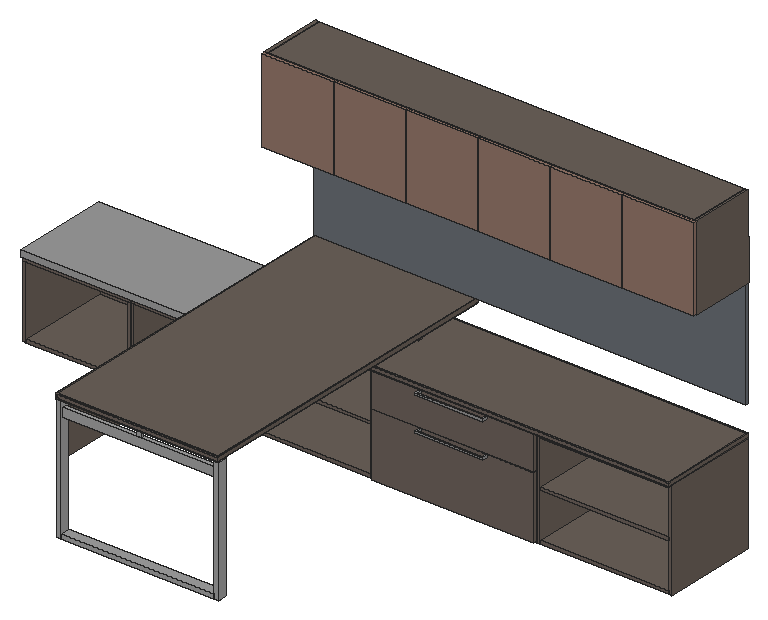
Revit family "T100315", category Furniture, Revit 2015 (continued)
Definition of nested family "STAKS LOW HEIGHT OPEN SHELF PEDESTAL - NO RISER SUPPORT"
  Dimensions and locks (in)
    aligned and locked: Extrusion 6 sketch curve to plane 17
    aligned and locked: Extrusion 6 sketch curve to plane 27
    aligned and locked: plane 16 to Extrusion 6 sketch curve
    aligned and locked: plane 19 to Extrusion 6 sketch curve
    aligned and locked: Extrusion 2 to plane 6
    aligned and locked: Extrusion 1 to plane 6
    aligned and locked: Extrusion 7 to plane 16
  Automatic sketch dimensions
    level to Extrusion 1 sketch curve = 0"
    Extrusion 1 sketch curve to plane 11 = 0"
    Extrusion 1 sketch curve to plane 3 = 0"
    Extrusion 1 sketch curve to plane 16 = 0"
    level to Extrusion 2 sketch curve = 0"
    Extrusion 2 sketch curve to plane 3 = 0"
    Extrusion 2 sketch curve to plane 17 = 0"
    plane 27 to Extrusion 2 sketch curve = 0"
    plane 12 to Extrusion 3 sketch curve = 0"
    Extrusion 3 sketch curve to plane 18 = 0"
    plane 17 to Extrusion 3 sketch curve = 0"
    Extrusion 4 sketch curve to plane 10 = 0"
    Extrusion 4 sketch curve to plane 16 = 0"
    Extrusion 4 sketch curve to plane 3 = 0"
    Extrusion 4 sketch curve to plane 19 = 0"
    level to Extrusion 5 sketch curve = 0"
    Extrusion 5 sketch curve to plane 16 = 0"
    Extrusion 5 sketch curve to plane 19 = 0"
    Extrusion 5 sketch curve to plane 28 = 0"
    Extrusion 7 sketch curve to plane 9 = 0"
    Extrusion 7 sketch curve to plane 19 = 0"
    Extrusion 7 sketch curve to plane 37 = 11 5/8"
    Extrusion 7 sketch curve to plane 5 = 0"
    Extrusion 6 sketch curve to plane 14 = 0"
    Extrusion 6 sketch curve to plane 16 = 0"
    Extrusion 6 sketch curve to plane 19 = 0"
    Extrusion 6 sketch curve to plane 15 = 0"
    plane 32 to Extrusion 6 sketch curve = 2 5/8"
    plane 34 to Extrusion 6 sketch curve = 2 5/8"
    Extrusion 6 sketch curve to plane 13 = 1"
    Extrusion 6 sketch curve to plane 12 = 1"
Definition of nested family "STAKS SINGLE BENCH HEIGHT PEDESTAL - NO RISER SUPPORT"
  Parameters (values of type "STAKS SINGLE BENCH HEIGHT PEDESTAL - NO RISER SUPPORT 24")
    URL = "http://www.ofs.com/"
    Top Thickness = 1"
    Riser Support = 0"
    Model = "6-N2422SSHC"
    Manufacturer = "OFS"
    Height = 17"
    Drawer Material = none
    Drawer Handle Width = 5 1/4"
    Drawer Handle Material = none
    Description = "OFS STAKS SINGLE BENCH HEIGHT PEDESTAL - NO RISER SUPPORT 24\"W x 22\" D, Single Pedestal, Use with 22\"D Worksurfaces"
    Width = 24"
    Depth = 21 7/8"
    DH2 = 6 1/2"
    DH1 = 10"
    Copyright © = "© 2018 OFS"
    Chasis Material = none
    Catalog = "https://ofs.com/products/casegoods/private-office/staks"
    Board Thickness = 3/4"
    Authoring Version = "Autodesk Revit Architecture 2013"
    Assembly Code = "E2020200"
  Types (3): name | Model | Description | Width
    STAKS SINGLE BENCH HEIGHT PEDESTAL - NO RISER SUPPORT 24 | "6-N2422SSHC" | "OFS STAKS SINGLE BENCH HEIGHT PEDESTAL - NO RISER SUPPORT 24\"W x 22\" D, Single Pedestal, Use with 22\"D Worksurfaces" | 24"
    STAKS SINGLE BENCH HEIGHT PEDESTAL - NO RISER SUPPORT 30 | "6-N3022SSHC" | "OFS STAKS SINGLE BENCH HEIGHT PEDESTAL - NO RISER SUPPORT 30\"W x 22\" D, Single Pedestal, Use with 22\"D Worksurfaces" | 30"
    STAKS SINGLE BENCH HEIGHT PEDESTAL - NO RISER SUPPORT 36 | "6-N3622SSHC" | "OFS STAKS SINGLE BENCH HEIGHT PEDESTAL - NO RISER SUPPORT 36\"W x 22\" D, Single Pedestal, Use with 22\"D Worksurfaces" | 36"
  Reference planes (in)
    plane 1: z = 0
    plane 2 "Right": x = 20.97711
    plane 3: z = 17
    plane 4: z = 10
    plane 5: z = 9.875
    plane 6: z = 0
    plane 7: z = 9.625
    plane 8: z = 16.75
    plane 9: z = 9.156
    plane 10: z = 16
    plane 11: x = 8.97711
    plane 12: y = -1.12465
    plane 13: y = -1.87465
    plane 14: x = 9.03961
    plane 15: x = 32.91411
    plane 16: x = 9.72711
    plane 17: y = 20.00035
    plane 18: x = 32.97711
    plane 19: x = 32.22711
    plane 20: y = -2.68715
    plane 21: y = -2.87465
    plane 22: z = 0.25
    plane 23: y = 19.25035
    plane 24: z = 0.75
    plane 25: y = 16.75035
    plane 26: y = 1.87535
    plane 27: y = 5.87535
    plane 28: y = 12.75035
    plane 29: y = 2.50035
    plane 30: y = 13.37535
    plane 31: x = 21.35211
    plane 32: x = 20.60211
    plane 33: x = 21.00836
    plane 34: x = 20.94586
    plane 35: x = 14.99274
    plane 36: x = 17.61774
    plane 37: x = 12.36774
    plane 38: x = 12.74274
    plane 39: x = 17.24274
    plane 40: x = 26.96124
    plane 41: x = 24.33624
    plane 42: x = 29.58624
    plane 43: x = 29.21124
    plane 44: x = 24.71124
  Forms (in)
    Extrusion 1, solid, material <- "Chasis Material"
      sketch origin (-3, -1.24965, 0) x (1, 0, 0) y (0, 0, 1)
        loop
          line (11.97711, 0) -> (12.72711, 0) -> (12.72711, 16) -> (11.97711, 16) -> (11.97711, 0)
      from -21.25 to -0.125
    Extrusion 2, solid, material <- "Chasis Material"
      sketch origin (19.35211, 31.02324, 0) x (0, 1, 0) y (0, 0, 1)
        loop
          line (-11.77289, 0) -> (-11.02289, 0) -> (-11.02289, 16) -> (-11.77289, 16) -> (-11.77289, 0)
      from -9.625 to 12.875
    Extrusion 3, solid, material <- "Chasis Material"
      sketch origin (0, 0, 0) x (1, 0, 0) y (0, 1, 0)
        loop
          line (32.97711, 20.00035) -> (32.22711, 20.00035) -> (32.22711, -1.12465) -> (32.97711, -1.12465) -> (32.97711, 20.00035)
      from 0 to 16
    Extrusion 4, solid, material <- "Chasis Material"
      sketch origin (-29.79592, -1.62465, 7.24693) x (1, 0, 0) y (0, 0, 1)
        loop
          line (38.77304, 8.75307) -> (62.77304, 8.75307) -> (62.77304, 9.75307) -> (38.77304, 9.75307) -> (38.77304, 8.75307)
      from -21.625 to -0.5
    Extrusion 5, solid, material <- "Chasis Material"
      sketch origin (-31.5409, -1.62465, -42.72261) x (1, 0, 0) y (0, 0, 1)
        loop
          line (41.26801, 42.72261) -> (63.76801, 42.72261) -> (63.76801, 43.47261) -> (41.26801, 43.47261) -> (41.26801, 42.72261)
      from -20.875 to -0.5
  Dimensions and locks (in)
    "Board Thickness": plane 13 to plane 12
    locked: plane 11 to plane 14 at 0.0625
    "Board Thickness": plane 11 to plane 16
    locked: plane 15 to plane 18 at 0.063
    "Width": plane 11 to plane 18
    Extrusion 3 sketch curve to plane 18 = 3/4"
    "Board Thickness": plane 19 to plane 18
    equal spacing: plane 11, plane 2 "Right", plane 18
    plane 21 to plane 20 to plane 13 = 3/16" locked, 13/16" locked
    "Riser Support": plane 6 to level
    "Height": plane 3 to plane 6
    "DH1": plane 4 to plane 6
    locked: plane 22 to plane 6 at 0.25
    "Board Thickness": plane 23 to plane 17
    "Depth": plane 13 to plane 17
    plane 4 to plane 5 to plane 7 to plane 9 = 1/8" locked, 1/4" locked, 0.469" locked
    "Board Thickness": plane 24 to plane 6
    plane 12 to plane 26 to plane 27 = 3" locked, 4" locked
    plane 28 to plane 25 to plane 23 = 4" locked, 2 1/2" locked
    locked: plane 26 to plane 29 at 0.625
    locked: plane 28 to plane 30 at 0.625
    equal spacing: plane 32, plane 2 "Right", plane 31
    "Board Thickness": plane 32 to plane 31
    equal spacing: plane 34, plane 2 "Right", plane 33
    equal spacing: plane 14, plane 35, plane 34
    equal spacing: plane 37, plane 35, plane 36
    "Drawer Handle Width": plane 37 to plane 36
    locked: plane 37 to plane 38 at 0.375
    locked: plane 39 to plane 36 at 0.375
    equal spacing: plane 15, plane 40, plane 33
    equal spacing: plane 42, plane 40, plane 41
    "Drawer Handle Width": plane 42 to plane 41
    locked: plane 42 to plane 43 at 0.375
    locked: plane 44 to plane 41 at 0.375
    "Top Thickness": plane 3 to plane 10
    aligned and locked: level to plane 1
    aligned and locked: plane 12 to Extrusion 1
    aligned and locked: Extrusion 1 to plane 17
    aligned and locked: Extrusion 2 to plane 16
    aligned and locked: plane 16 to Extrusion 1
    aligned and locked: Extrusion 1 to plane 11
    aligned and locked: Extrusion 2 to plane 17
    aligned and locked: plane 19 to Extrusion 2
    aligned and locked: Extrusion 3 to plane 19
    aligned and locked: Extrusion 3 to plane 6
    aligned and locked: plane 3 to Extrusion 4
    aligned and locked: Extrusion 4 to plane 10
    aligned and locked: plane 24 to Extrusion 5
    aligned and locked: Extrusion 5 to plane 6
    aligned and locked: Extrusion 5 to plane 23
    aligned and locked: plane 12 to Extrusion 5
    aligned and locked: plane 19 to Extrusion 5
    aligned and locked: Extrusion 5 to plane 16
    aligned and locked: plane 12 to Extrusion 4
    aligned and locked: Extrusion 2 to plane 6
    aligned and locked: Extrusion 1 to plane 6
    aligned and locked: plane 10 to Extrusion 1
    aligned and locked: plane 10 to Extrusion 2
    aligned and locked: plane 10 to Extrusion 3
    aligned and locked: Extrusion 4 to plane 11
    aligned and locked: plane 18 to Extrusion 4
    aligned and locked: Extrusion 4 to plane 17
  Automatic sketch dimensions
    level to Extrusion 1 sketch curve = 0"
    Extrusion 1 sketch curve to plane 11 = 0"
    Extrusion 1 sketch curve to plane 3 = 1"
    Extrusion 1 sketch curve to plane 16 = 0"
    level to Extrusion 2 sketch curve = 0"
    Extrusion 2 sketch curve to plane 3 = 1"
    Extrusion 2 sketch curve to plane 17 = 0"
    plane 23 to Extrusion 2 sketch curve = 0"
    plane 12 to Extrusion 3 sketch curve = 0"
    Extrusion 3 sketch curve to plane 18 = 0"
    plane 17 to Extrusion 3 sketch curve = 0"
    Extrusion 4 sketch curve to plane 10 = 0"
    Extrusion 4 sketch curve to plane 16 = 3/4"
    Extrusion 4 sketch curve to plane 3 = 0"
    plane 19 to Extrusion 4 sketch curve = 3/4"
    level to Extrusion 5 sketch curve = 0"
    Extrusion 5 sketch curve to plane 16 = 0"
    Extrusion 5 sketch curve to plane 19 = 0"
    Extrusion 5 sketch curve to plane 24 = 0"
Definition of nested family "STAKS RECTANGULAR WORKSURFACES Long Grain"
  Parameters (values of type "STAKS RECTANGULAR WORKSURFACE 15.625 x 22")
    URL = "http://www.ofs.com/"
    Height Above Floor [instance] = 29"
    Height = 1 1/8"
    Depth = 22"
    Model = "6-MCT-15.625/22"
    Manufacturer = "OFS"
    Description = "OFS STAKS 15.625 X 22 RECTANGULAR WORKSURFACE For Worksurface or Low Height Applications, Long Grain"
    Width = 15 5/8"
    Copyright © = "© 2018 OFS"
    Catalog = "https://ofs.com/products/casegoods/private-office/staks"
    Authoring Version = "Autodesk Revit Architecture 2013"
    Assembly Code = "E2020200"
  Types (26): name | Model | Description | Width
    STAKS RECTANGULAR WORKSURFACE 15.625 x 22 | "6-MCT-15.625/22" | "OFS STAKS 15.625 X 22 RECTANGULAR WORKSURFACE For Worksurface or Low Height Applications, Long Grain" | 15 5/8"
    STAKS RECTANGULAR WORKSURFACE 24 x 22 | "6-MCT-24/22" | "OFS STAKS 24 X 22 RECTANGULAR WORKSURFACE For Worksurface or Low Height Applications, Long Grain" | 24"
    STAKS RECTANGULAR WORKSURFACE 30 x 22 | "6-MCT-30/22" | "OFS STAKS 30 X 22 RECTANGULAR WORKSURFACE For Worksurface or Low Height Applications, Long Grain" | 30"
    STAKS RECTANGULAR WORKSURFACE 34 x 22 | "6-MCT-34/22" | "OFS STAKS 34 X 22 RECTANGULAR WORKSURFACE For Worksurface or Low Height Applications, Long Grain" | 34"
    STAKS RECTANGULAR WORKSURFACE 36 x 22 | "6-MCT-36/22" | "OFS STAKS 36 X 22 RECTANGULAR WORKSURFACE For Worksurface or Low Height Applications, Long Grain" | 36"
    STAKS RECTANGULAR WORKSURFACE 42 x 22 | "6-MCT-42/22" | "OFS STAKS 42 X 22 RECTANGULAR WORKSURFACE For Worksurface or Low Height Applications, Long Grain" | 42"
    STAKS RECTANGULAR WORKSURFACE 46 x 22 | "6-MCT-46/22" | "OFS STAKS 46 X 22 RECTANGULAR WORKSURFACE For Worksurface or Low Height Applications, Long Grain" | 46"
    STAKS RECTANGULAR WORKSURFACE 48 x 22 | "6-MCT-48/22" | "OFS STAKS 48 X 22 RECTANGULAR WORKSURFACE For Worksurface or Low Height Applications, Long Grain" | 48"
    STAKS RECTANGULAR WORKSURFACE 48.5 x 22 | "6-MCT-48.5/22" | "OFS STAKS 48.5 X 22 RECTANGULAR WORKSURFACE For Worksurface or Low Height Applications, Long Grain" | 48 1/2"
    STAKS RECTANGULAR WORKSURFACE 54 x 22 | "6-MCT-54/22" | "OFS STAKS 54 X 22 RECTANGULAR WORKSURFACE For Worksurface or Low Height Applications, Long Grain" | 54"
    STAKS RECTANGULAR WORKSURFACE 55.5 x 22 | "6-MCT-55.5/22" | "OFS STAKS 55.5 X 22 RECTANGULAR WORKSURFACE For Worksurface or Low Height Applications, Long Grain" | 55 1/2"
    STAKS RECTANGULAR WORKSURFACE 59 x 22 | "6-MCT-59/22" | "OFS STAKS 59 X 22 RECTANGULAR WORKSURFACE For Worksurface or Low Height Applications, Long Grain" | 59"
    STAKS RECTANGULAR WORKSURFACE 60 x 22 | "6-MCT-60/22" | "OFS STAKS 60 X 22 RECTANGULAR WORKSURFACE For Worksurface or Low Height Applications, Long Grain" | 60"
    STAKS RECTANGULAR WORKSURFACE 64 x 22 | "6-MCT-64/22" | "OFS STAKS 64 X 22 RECTANGULAR WORKSURFACE For Worksurface or Low Height Applications, Long Grain" | 64"
    STAKS RECTANGULAR WORKSURFACE 66 x 22 | "6-MCT-66/22" | "OFS STAKS 66 X 22 RECTANGULAR WORKSURFACE For Worksurface or Low Height Applications, Long Grain" | 66"
    STAKS RECTANGULAR WORKSURFACE 69.625 x 22 | "6-MCT-69.625/22" | "OFS STAKS 69.625 X 22 RECTANGULAR WORKSURFACE For Worksurface or Low Height Applications, Long Grain" | 69 5/8"
    STAKS RECTANGULAR WORKSURFACE 70.5 x 22 | "6-MCT-70.5/22" | "OFS STAKS 70.5 X 22 RECTANGULAR WORKSURFACE For Worksurface or Low Height Applications, Long Grain" | 70 1/2"
    STAKS RECTANGULAR WORKSURFACE 72 x 22 | "6-MCT-72/22" | "OFS STAKS 72 X 22 RECTANGULAR WORKSURFACE For Worksurface or Low Height Applications, Long Grain" | 72"
    STAKS RECTANGULAR WORKSURFACE 74 x 22 | "6-MCT-74/22" | "OFS STAKS 74 X 22 RECTANGULAR WORKSURFACE For Worksurface or Low Height Applications, Long Grain" | 74"
    STAKS RECTANGULAR WORKSURFACE 78 x 22 | "6-MCT-78/22" | "OFS STAKS 78 X 22 RECTANGULAR WORKSURFACE For Worksurface or Low Height Applications, Long Grain" | 78"
    STAKS RECTANGULAR WORKSURFACE 82.5 x 22 | "6-MCT-82.5/22" | "OFS STAKS 82.5 X 22 RECTANGULAR WORKSURFACE For Worksurface or Low Height Applications, Long Grain" | 82 1/2"
    STAKS RECTANGULAR WORKSURFACE 84 x 22 | "6-MCT-84/22" | "OFS STAKS 84 X 22 RECTANGULAR WORKSURFACE For Worksurface or Low Height Applications, Long Grain" | 84"
    STAKS RECTANGULAR WORKSURFACE 87.625 x 22 | "6-MCT-87.625/22" | "OFS STAKS 87.625 X 22 RECTANGULAR WORKSURFACE For Worksurface or Low Height Applications, Long Grain" | 87 5/8"
    STAKS RECTANGULAR WORKSURFACE 90 x 22 | "6-MCT-90/22" | "OFS STAKS 90 X 22 RECTANGULAR WORKSURFACE For Worksurface or Low Height Applications, Long Grain" | 90"
    STAKS RECTANGULAR WORKSURFACE 94 x 22 | "6-MCT-94/22" | "OFS STAKS 94 X 22 RECTANGULAR WORKSURFACE For Worksurface or Low Height Applications, Long Grain" | 94"
    STAKS RECTANGULAR WORKSURFACE 96 x 22 | "6-MCT-96/22" | "OFS STAKS 96 X 22 RECTANGULAR WORKSURFACE For Worksurface or Low Height Applications, Long Grain" | 96"
  Reference planes (in)
    plane 1: z = -0.125
    plane 2 "LEFT": x = 7.55498
    plane 3 "RIGHT": x = 23.17998
    plane 4 "BACK": y = -1.83365
    plane 5 "FRONT": y = -23.83365
    plane 6: x = 7.67998
    plane 7: x = 23.05498
    plane 8: y = -1.95865
    plane 9: y = -23.70865
    plane 10: z = 27.75
    plane 11 "SURFACE TOP": z = 28.875
  Forms (in)
    Extrusion 1, solid
      sketch origin (0, 0, 17.125) x (-1, 0, 0) y (0, -1, 0)
        loop
          line (-7.67998, 1.95865) -> (-7.67998, 23.70865) -> (-23.05498, 23.70865) -> (-23.05498, 1.95865) -> (-7.67998, 1.95865)
      from 11.75 to 10.625
    Sweep 2, solid
      path origin (0, 0, 28.875) x (0, 1, 0) y (-1, 0, 0)
        loop
          line (-23.83365, -7.55498) -> (-23.83365, -23.17998) -> (-1.83365, -23.17998) -> (-1.83365, -7.55498) -> (-23.83365, -7.55498)
      profile origin (15.36748, -23.83365, 28.875) x (0, 1, 0) y (0, 0, 1)
        loop
          arc (0.125, 0) -> (0.03661, -0.03661) -> (0, -0.125) r 0.125
          line (0, -0.125) -> (0, -1)
          arc (0, -1) -> (0.03661, -1.08839) -> (0.125, -1.125) r 0.125
          line (0.125, -1.125) -> (0.125, 0)
  Lines and regions (in)
    Masking region 1
      outline origin (0, 0, 16.625) x (-1, 0, 0) y (0, -1, 0)
        loop
          line (-7.67998, 1.95865) -> (-7.55498, 1.83365) -> (-7.55498, 23.83365) -> (-7.67998, 23.70865) -> (-7.67998, 1.95865)
    Masking region 2
      outline origin (0, 0, 16.625) x (-1, 0, 0) y (0, -1, 0)
        loop
          line (-7.55498, 1.83365) -> (-7.67998, 1.95865) -> (-23.05498, 1.95865) -> (-23.17998, 1.83365) -> (-7.55498, 1.83365)
    Masking region 3
      outline origin (0, 0, 16.625) x (-1, 0, 0) y (0, -1, 0)
        loop
          line (-23.17998, 1.83365) -> (-23.05498, 1.95865) -> (-23.05498, 23.70865) -> (-23.17998, 23.83365) -> (-23.17998, 1.83365)
    Masking region 4
      outline origin (0, 0, 16.625) x (-1, 0, 0) y (0, -1, 0)
        loop
          line (-23.17998, 23.83365) -> (-23.05498, 23.70865) -> (-7.67998, 23.70865) -> (-7.55498, 23.83365) -> (-23.17998, 23.83365)
    Masking region 5
      outline origin (0, 0, 16.625) x (-1, 0, 0) y (0, -1, 0)
        loop
          line (-23.05498, 23.70865) -> (-23.05498, 1.95865) -> (-7.67998, 1.95865) -> (-7.67998, 23.70865) -> (-23.05498, 23.70865)
  Dimensions and locks (in)
    "Depth": plane 4 "BACK" to plane 5 "FRONT"
    "Width": plane 2 "LEFT" to plane 3 "RIGHT"
    "Height": plane 11 "SURFACE TOP" to plane 10
    locked: plane 4 "BACK" to plane 8 at 0.125
    locked: plane 2 "LEFT" to plane 6 at 0.125
    locked: plane 7 to plane 3 "RIGHT" at 0.125
    locked: plane 9 to plane 5 "FRONT" at 0.125
    "Height Above Floor": plane 11 "SURFACE TOP" to level
    aligned: level to plane 1
    aligned and locked: plane 8 to Extrusion 1 sketch curve
    aligned and locked: Extrusion 1 sketch curve to plane 6
    aligned and locked: Extrusion 1 sketch curve to plane 9
    aligned and locked: plane 7 to Extrusion 1 sketch curve
    aligned and locked: plane 11 "SURFACE TOP" to Extrusion 1
    aligned and locked: Extrusion 1 to plane 10
    aligned and locked: Sweep 2 sketch curve to plane 5 "FRONT"
    aligned and locked: Sweep 2 sketch curve to plane 2 "LEFT"
    aligned and locked: plane 4 "BACK" to Sweep 2 sketch curve
    aligned and locked: plane 3 "RIGHT" to Sweep 2 sketch curve
  Automatic sketch dimensions
    Masking region 1 sketch curve to plane 6 = 0"
    Masking region 1 sketch curve to plane 2 "LEFT" = 0"
    Masking region 1 sketch curve to plane 4 "BACK" = 0"
    Masking region 1 sketch curve to plane 8 = 0"
    Masking region 1 sketch curve to plane 9 = 0"
    Masking region 1 sketch curve to plane 5 "FRONT" = 0"
    Masking region 2 sketch curve to plane 3 "RIGHT" = 0"
    Masking region 2 sketch curve to plane 7 = 0"
    Masking region 2 sketch curve to plane 6 = 0"
    Masking region 2 sketch curve to plane 2 "LEFT" = 0"
    Masking region 2 sketch curve to plane 4 "BACK" = 0"
    Masking region 2 sketch curve to plane 8 = 0"
    Masking region 3 sketch curve to plane 3 "RIGHT" = 0"
    Masking region 3 sketch curve to plane 7 = 0"
    Masking region 3 sketch curve to plane 4 "BACK" = 0"
    Masking region 3 sketch curve to plane 8 = 0"
    Masking region 3 sketch curve to plane 9 = 0"
    Masking region 3 sketch curve to plane 5 "FRONT" = 0"
    Masking region 4 sketch curve to plane 3 "RIGHT" = 0"
    Masking region 4 sketch curve to plane 7 = 0"
    Masking region 4 sketch curve to plane 6 = 0"
    Masking region 4 sketch curve to plane 2 "LEFT" = 0"
    Masking region 4 sketch curve to plane 9 = 0"
    Masking region 4 sketch curve to plane 5 "FRONT" = 0"
    Masking region 5 sketch curve to plane 7 = 0"
    Masking region 5 sketch curve to plane 6 = 0"
    Masking region 5 sketch curve to plane 8 = 0"
    Masking region 5 sketch curve to plane 9 = 0"
    Sweep 2 sketch curve to profile plane = 0"
    Sweep 2 sketch curve to plane 11 "SURFACE TOP" = 0"
    Sweep 2 sketch curve to profile plane = 1/8"
    Sweep 2 sketch curve to Sweep 2 sketch curve = 7/8"
Definition of nested family "STAKS BENCHING RECTANGULAR WORKSURFACES"
  Parameters (values of type "STAKS BENCHING RECTANGULAR WORKSURFACE 48 X 22")
    URL = "https://www.ofs.com/"
    SURFACE DEPTH = 22"
    Model = "6-MCT-48/22"
    Manufacturer = "OFS"
    Description = "OFS STAKS BENCHING 48 X 22 RECTANGULAR WORKSURFACE"
    SURFACE WIDTH = 48"
    Copyright © = "© 2018 OFS"
    Catalog = "https://ofs.com/products/open-plan/benching/staks"
    Authoring Version = "Autodesk Revit Architecture 2013"
    Assembly Code = "E2020200"
  Types (21): name | SURFACE DEPTH | Model | Description | SURFACE WIDTH
    STAKS BENCHING RECTANGULAR WORKSURFACE 48 X 22 | 22" | "6-MCT-48/22" | "OFS STAKS BENCHING 48 X 22 RECTANGULAR WORKSURFACE" | 48"
    STAKS BENCHING RECTANGULAR WORKSURFACE 60 X 22 | 22" | "6-MCT-60/22" | "OFS STAKS BENCHING 60 X 22 RECTANGULAR WORKSURFACE" | 60"
    STAKS BENCHING RECTANGULAR WORKSURFACE 72 X 22 | 22" | "6-MCT-72/22" | "OFS STAKS BENCHING 72 X 22 RECTANGULAR WORKSURFACE" | 72"
    STAKS BENCHING RECTANGULAR WORKSURFACE 60 X 36 | 36" | "6-MCT-60/36" | "OFS STAKS BENCHING 60 X 36 RECTANGULAR WORKSURFACE" | 60"
    STAKS BENCHING RECTANGULAR WORKSURFACE 72 X 36 | 36" | "6-MCT-72/36" | "OFS STAKS BENCHING 72 X 36 RECTANGULAR WORKSURFACE" | 72"
    STAKS BENCHING RECTANGULAR WORKSURFACE 60 X 30 | 30" | "6-MCT-60/30" | "OFS STAKS BENCHING 60 X 30 RECTANGULAR WORKSURFACE" | 60"
    STAKS BENCHING RECTANGULAR WORKSURFACE 72 X 30 | 30" | "6-MCT-72/30" | "OFS STAKS BENCHING 72 X 30 RECTANGULAR WORKSURFACE" | 72"
    STAKS BENCHING RECTANGULAR WORKSURFACE 48 X 30 | 30" | "6-MCT-48/30" | "OFS STAKS BENCHING 48 X 30 RECTANGULAR WORKSURFACE" | 48"
    STAKS BENCHING RECTANGULAR WORKSURFACE 48 X 36 | 36" | "6-MCT-48/36" | "OFS STAKS BENCHING 48 X 36 RECTANGULAR WORKSURFACE" | 48"
    STAKS BENCHING RECTANGULAR WORKSURFACE 54 X 22 | 22" | "6-MCT-54/22" | "OFS STAKS BENCHING 54 X 22 RECTANGULAR WORKSURFACE" | 54"
    STAKS BENCHING RECTANGULAR WORKSURFACE 66 X 22 | 22" | "6-MCT-66/22" | "OFS STAKS BENCHING 66 X 22 RECTANGULAR WORKSURFACE" | 66"
    STAKS BENCHING RECTANGULAR WORKSURFACE 78 X 22 | 22" | "6-MCT-78/22" | "OFS STAKS BENCHING 78 X 22 RECTANGULAR WORKSURFACE" | 78"
    STAKS BENCHING RECTANGULAR WORKSURFACE 84 X 22 | 22" | "6-MCT-84/22" | "OFS STAKS BENCHING 84 X 22 RECTANGULAR WORKSURFACE" | 84"
    STAKS BENCHING RECTANGULAR WORKSURFACE 54 X 30 | 30" | "6-MCT-54/30" | "OFS STAKS BENCHING 54 X 30 RECTANGULAR WORKSURFACE" | 54"
    STAKS BENCHING RECTANGULAR WORKSURFACE 66 X 30 | 30" | "6-MCT-66/30" | "OFS STAKS BENCHING 66 X 30 RECTANGULAR WORKSURFACE" | 66"
    STAKS BENCHING RECTANGULAR WORKSURFACE 78 X 30 | 30" | "6-MCT-78/30" | "OFS STAKS BENCHING 78 X 30 RECTANGULAR WORKSURFACE" | 78"
    STAKS BENCHING RECTANGULAR WORKSURFACE 84 X 30 | 30" | "6-MCT-84/30" | "OFS STAKS BENCHING 84 X 30 RECTANGULAR WORKSURFACE" | 84"
    STAKS BENCHING RECTANGULAR WORKSURFACE 54 X 36 | 36" | "6-MCT-54/36" | "OFS STAKS BENCHING 54 X 36 RECTANGULAR WORKSURFACE" | 54"
    STAKS BENCHING RECTANGULAR WORKSURFACE 66 X 36 | 36" | "6-MCT-66/36" | "OFS STAKS BENCHING 66 X 36 RECTANGULAR WORKSURFACE" | 66"
    STAKS BENCHING RECTANGULAR WORKSURFACE 78 X 36 | 36" | "6-MCT-78/36" | "OFS STAKS BENCHING 78 X 36 RECTANGULAR WORKSURFACE" | 78"
    STAKS BENCHING RECTANGULAR WORKSURFACE 84 X 36 | 36" | "6-MCT-84/36" | "OFS STAKS BENCHING 84 X 36 RECTANGULAR WORKSURFACE" | 78"
  Reference planes (in)
    plane 1: z = -0.125
    plane 2 "LEFT": x = 7.55498
    plane 3 "RIGHT": x = 55.55498
    plane 4 "BACK": y = -1.83365
    plane 5 "FRONT": y = -23.83365
    plane 6: x = 7.67998
    plane 7: x = 55.42998
    plane 8: y = -1.95865
    plane 9: y = -23.70865
    plane 10: z = 27.75
    plane 11 "SURFACE TOP": z = 28.875
  Forms (in)
    Extrusion 1, solid
      sketch origin (0, 0, 17.125) x (-1, 0, 0) y (0, -1, 0)
        loop
          line (-7.67998, 1.95865) -> (-7.67998, 23.70865) -> (-55.42998, 23.70865) -> (-55.42998, 1.95865) -> (-7.67998, 1.95865)
      from 11.75 to 10.625
    Sweep 2, solid
      path origin (0, 0, 28.875) x (0, 1, 0) y (-1, 0, 0)
        loop
          line (-23.83365, -7.55498) -> (-23.83365, -55.55498) -> (-1.83365, -55.55498) -> (-1.83365, -7.55498) -> (-23.83365, -7.55498)
      profile origin (31.55498, -23.83365, 28.875) x (0, 1, 0) y (0, 0, 1)
        loop
          arc (0.125, 0) -> (0.03661, -0.03661) -> (0, -0.125) r 0.125
          line (0, -0.125) -> (0, -1)
          arc (0, -1) -> (0.03661, -1.08839) -> (0.125, -1.125) r 0.125
          line (0.125, -1.125) -> (0.125, 0)
  Lines and regions (in)
    Masking region 1
      outline origin (0, 0, 16.625) x (-1, 0, 0) y (0, -1, 0)
        loop
          line (-7.67998, 1.95865) -> (-7.55498, 1.83365) -> (-7.55498, 23.83365) -> (-7.67998, 23.70865) -> (-7.67998, 1.95865)
    Masking region 2
      outline origin (0, 0, 16.625) x (-1, 0, 0) y (0, -1, 0)
        loop
          line (-7.55498, 1.83365) -> (-7.67998, 1.95865) -> (-55.42998, 1.95865) -> (-55.55498, 1.83365) -> (-7.55498, 1.83365)
    Masking region 3
      outline origin (0, 0, 16.625) x (-1, 0, 0) y (0, -1, 0)
        loop
          line (-55.55498, 1.83365) -> (-55.42998, 1.95865) -> (-55.42998, 23.70865) -> (-55.55498, 23.83365) -> (-55.55498, 1.83365)
    Masking region 4
      outline origin (0, 0, 16.625) x (-1, 0, 0) y (0, -1, 0)
        loop
          line (-55.55498, 23.83365) -> (-55.42998, 23.70865) -> (-7.67998, 23.70865) -> (-7.55498, 23.83365) -> (-55.55498, 23.83365)
    Masking region 5
      outline origin (0, 0, 16.625) x (-1, 0, 0) y (0, -1, 0)
        loop
          line (-55.42998, 23.70865) -> (-55.42998, 1.95865) -> (-7.67998, 1.95865) -> (-7.67998, 23.70865) -> (-55.42998, 23.70865)
  Dimensions and locks (in)
    "SURFACE DEPTH": plane 4 "BACK" to plane 5 "FRONT"
    "SURFACE WIDTH": plane 2 "LEFT" to plane 3 "RIGHT"
    locked: plane 11 "SURFACE TOP" to plane 10 at 1.125
    locked: plane 4 "BACK" to plane 8 at 0.125
    locked: plane 2 "LEFT" to plane 6 at 0.125
    locked: plane 7 to plane 3 "RIGHT" at 0.125
    locked: plane 9 to plane 5 "FRONT" at 0.125
    aligned: level to plane 1
    aligned and locked: plane 8 to Extrusion 1 sketch curve
    aligned and locked: Extrusion 1 sketch curve to plane 6
    aligned and locked: Extrusion 1 sketch curve to plane 9
    aligned and locked: plane 7 to Extrusion 1 sketch curve
    aligned and locked: plane 11 "SURFACE TOP" to Extrusion 1
    aligned and locked: Extrusion 1 to plane 10
    aligned and locked: Sweep 2 sketch curve to plane 5 "FRONT"
    aligned and locked: Sweep 2 sketch curve to plane 2 "LEFT"
    aligned and locked: plane 4 "BACK" to Sweep 2 sketch curve
    aligned and locked: plane 3 "RIGHT" to Sweep 2 sketch curve
  Automatic sketch dimensions
    Masking region 1 sketch curve to plane 6 = 0"
    Masking region 1 sketch curve to plane 2 "LEFT" = 0"
    Masking region 1 sketch curve to plane 4 "BACK" = 0"
    Masking region 1 sketch curve to plane 8 = 0"
    Masking region 1 sketch curve to plane 9 = 0"
    Masking region 1 sketch curve to plane 5 "FRONT" = 0"
    Masking region 2 sketch curve to plane 3 "RIGHT" = 0"
    Masking region 2 sketch curve to plane 7 = 0"
    Masking region 2 sketch curve to plane 6 = 0"
    Masking region 2 sketch curve to plane 2 "LEFT" = 0"
    Masking region 2 sketch curve to plane 4 "BACK" = 0"
    Masking region 2 sketch curve to plane 8 = 0"
    Masking region 3 sketch curve to plane 3 "RIGHT" = 0"
    Masking region 3 sketch curve to plane 7 = 0"
    Masking region 3 sketch curve to plane 4 "BACK" = 0"
    Masking region 3 sketch curve to plane 8 = 0"
    Masking region 3 sketch curve to plane 9 = 0"
    Masking region 3 sketch curve to plane 5 "FRONT" = 0"
    Masking region 4 sketch curve to plane 3 "RIGHT" = 0"
    Masking region 4 sketch curve to plane 7 = 0"
    Masking region 4 sketch curve to plane 6 = 0"
    Masking region 4 sketch curve to plane 2 "LEFT" = 0"
    Masking region 4 sketch curve to plane 9 = 0"
    Masking region 4 sketch curve to plane 5 "FRONT" = 0"
    Masking region 5 sketch curve to plane 7 = 0"
    Masking region 5 sketch curve to plane 6 = 0"
    Masking region 5 sketch curve to plane 8 = 0"
    Masking region 5 sketch curve to plane 9 = 0"
    Sweep 2 sketch curve to profile plane = 0"
    Sweep 2 sketch curve to plane 11 "SURFACE TOP" = 0"
    Sweep 2 sketch curve to profile plane = 1/8"
    Sweep 2 sketch curve to Sweep 2 sketch curve = 7/8"
Definition of nested family "STAKS WALLMOUNT ORGANIZER WITH DOORS Six Doors"
  Parameters (values of type "STAKS WALLMOUNT ORGANIZER WITH DOORS Six Doors 100in W")
    URL = "http://www.ofs.com/"
    Top Board Thickness = 1 1/16"
    Height Above Floor [instance] = 71 1/2"
    Height = 18 1/2"
    Front Doors Material = none
    Back Material = none
    Depth = 15"
    Model = "6-10019HDW6"
    Manufacturer = "OFS"
    Description = "OFS STAKS WALLMOUNT ORGANIZER WITH DOORS Six Hinged Doors 100\" Width, for use with U Units Comprised of 36\"W Desk, 42\"W Bridge and 22\"W Credenza or 30\"W Desk, 48\"W Bridge and 22\"W Credenza"
    Width = 100"
    Copyright © = "© 2018 OFS"
    Catalog = "https://ofs.com/products/casegoods/private-office/staks"
    Board Material = none
    Board Thickness = 3/4"
    Authoring Version = "Autodesk Revit Architecture 2013"
    Assembly Code = "E2020200"
    2D Symbol Lines [instance] = yes
  Types (5): name | Model | Description | Width
    STAKS WALLMOUNT ORGANIZER WITH DOORS Six Doors 90in W | "6-9019HDW6" | "OFS STAKS WALLMOUNT ORGANIZER WITH DOORS Six Hinged Doors 90\" Width, for use with 90\"W Modular Worksurface" | 90"
    STAKS WALLMOUNT ORGANIZER WITH DOORS Six Doors 94in W | "6-9419HDW6" | "OFS STAKS WALLMOUNT ORGANIZER WITH DOORS Six Hinged Doors 94\" Width, for use with U Units Comprised of 30\"W Desk, 42\"W Bridge and 22\"W Credenza" | 94"
    STAKS WALLMOUNT ORGANIZER WITH DOORS Six Doors 96in W | "6-9619HDW6" | "OFS STAKS WALLMOUNT ORGANIZER WITH DOORS Six Hinged Doors 96\" Width, for use with 96\"W Modular Worksurface" | 96"
    STAKS WALLMOUNT ORGANIZER WITH DOORS Six Doors 100in W | "6-10019HDW6" | "OFS STAKS WALLMOUNT ORGANIZER WITH DOORS Six Hinged Doors 100\" Width, for use with U Units Comprised of 36\"W Desk, 42\"W Bridge and 22\"W Credenza or 30\"W Desk, 48\"W Bridge and 22\"W Credenza" | 100"
    STAKS WALLMOUNT ORGANIZER WITH DOORS Six Doors 106in W | "6-10619HDW6" | "OFS STAKS WALLMOUNT ORGANIZER WITH DOORS Six Hinged Doors 106\" Width, for use with U Units Comprised of 36\"W Desk, 48\"W Bridge and 22\"W Credenza" | 106"
  Reference planes (in)
    plane 1: z = -0.125
    plane 2 "LEFT": x = -22.94502
    plane 3 "RIGHT": x = 77.05498
    plane 4 "BACK": y = -1.83365
    plane 5 "FRONT": y = -15.33365
    plane 6: x = -22.19502
    plane 7: x = 76.30498
    plane 8: z = 52.875
    plane 9 "SURFACE TOP": z = 71.375
    plane 10: x = 27.05498
    plane 11: z = 70.3125
    plane 12: y = -8.58365
    plane 13: y = -8.20865
    plane 14: y = -8.95865
    plane 15: x = 27.42998
    plane 16: x = 26.67998
    plane 17: y = -1.08365
    plane 18: y = -16.08365
    plane 19: x = 76.99248
    plane 20: x = -22.88252
    plane 21: x = 27.08623
    plane 22: x = 27.02373
    plane 23: z = 54.125
    plane 24: z = 54.875
    plane 25: y = -1.58365
    plane 26: y = -2.33365
    plane 27: y = -13.83365
    plane 28: y = -14.58365
    plane 29: x = -6.27835
    plane 30: x = -6.3096
    plane 31: x = -6.2471
    plane 32: x = 10.38831
    plane 33: x = 10.35706
    plane 34: x = 10.41956
    plane 35: x = 60.38831
    plane 36: x = 60.41956
    plane 37: x = 60.35706
    plane 38: x = 43.72165
    plane 39: x = 43.7529
    plane 40: x = 43.6904
  Forms (in)
    Extrusion 1, solid, material <- "Board Material"
      sketch origin (0, 0, 71.375) x (0, 1, 0) y (-1, 0, 0)
        loop
          line (-2.33365, 22.19502) -> (-15.33365, 22.19502) -> (-15.33365, -76.30498) -> (-2.33365, -76.30498) -> (-2.33365, 22.19502)
      from -16.5 to -17.25
    Extrusion 2, solid, material <- "Board Material"
      sketch origin (0, 0, 71.375) x (0, 1, 0) y (-1, 0, 0)
        loop
          line (-1.08365, 22.19502) -> (-1.08365, 22.94502) -> (-15.33365, 22.94502) -> (-15.33365, 22.19502) -> (-1.08365, 22.19502)
        loop
          line (-1.08365, -77.05498) -> (-1.08365, -76.30498) -> (-15.33365, -76.30498) -> (-15.33365, -77.05498) -> (-1.08365, -77.05498)
      from 0 to -18.5
    Extrusion 3, solid, material <- "Board Material"
      sketch origin (0, 0, 27.375) x (0, 1, 0) y (-1, 0, 0)
        loop
          line (-1.08365, 22.19502) -> (-15.33365, 22.19502) -> (-15.33365, -76.30498) -> (-1.08365, -76.30498) -> (-1.08365, 22.19502)
      from 44 to 42.9375
    Extrusion 4, solid, material <- "Back Material"
      sketch origin (30.99601, 21.63396, 71.375) x (0, 1, 0) y (-1, 0, 0)
        loop
          line (-23.21762, 53.19103) -> (-23.96762, 53.19103) -> (-23.96762, -45.30897) -> (-23.21762, -45.30897) -> (-23.21762, 53.19103)
      from -1.0625 to -18.5
    Extrusion 5, solid, material <- "Front Doors Material"
      sketch origin (15.4691, -10.89295, 71.375) x (0, 1, 0) y (-1, 0, 0)
        loop
          line (-4.4407, -11.61714) -> (-5.1907, -11.61714) -> (-5.1907, -28.2213) -> (-4.4407, -28.2213) -> (-4.4407, -11.61714)
      from 0 to -18.5
    Extrusion 6, solid, material <- "Front Doors Material"
      sketch origin (38.64087, -10.89295, 71.375) x (0, 1, 0) y (-1, 0, 0)
        loop
          line (-4.4407, 44.95047) -> (-4.4407, 61.52339) -> (-5.1907, 61.52339) -> (-5.1907, 44.95047) -> (-4.4407, 44.95047)
      from 0 to -18.5
    Extrusion 7, solid, material <- "Board Material"
      sketch origin (0, -9.75, 71.375) x (0, 1, 0) y (-1, 0, 0)
        loop
          line (-4.08365, 22.19502) -> (-4.83365, 22.19502) -> (-4.83365, -76.30498) -> (-4.08365, -76.30498) -> (-4.08365, 22.19502)
      from -17.25 to -18.5
    Extrusion 8, solid, material <- "Front Doors Material"
      sketch origin (38.64087, -10.89295, 71.375) x (0, 1, 0) y (-1, 0, 0)
        loop
          line (-4.4407, 11.61714) -> (-4.4407, 28.2213) -> (-5.1907, 28.2213) -> (-5.1907, 11.61714) -> (-4.4407, 11.61714)
      from 0 to -18.5
    Extrusion 9, solid, material <- "Front Doors Material"
      sketch origin (15.4691, -10.89295, 71.375) x (0, 1, 0) y (-1, 0, 0)
        loop
          line (-4.4407, -44.95047) -> (-5.1907, -44.95047) -> (-5.1907, -61.52339) -> (-4.4407, -61.52339) -> (-4.4407, -44.95047)
      from 0 to -18.5
    Extrusion 10, solid, material <- "Front Doors Material"
      sketch origin (2.4691, -10.89295, 71.375) x (0, 1, 0) y (-1, 0, 0)
        loop
          line (-4.4407, -41.2838) -> (-5.1907, -41.2838) -> (-5.1907, -57.88797) -> (-4.4407, -57.88797) -> (-4.4407, -41.2838)
      from 0 to -18.5
    Extrusion 11, solid, material <- "Front Doors Material"
      sketch origin (46.54237, -12.14442, 71.375) x (0, 1, 0) y (-1, 0, 0)
        loop
          line (-3.18923, 36.18531) -> (-3.18923, 52.78948) -> (-3.93923, 52.78948) -> (-3.93923, 36.18531) -> (-3.18923, 36.18531)
      from 0 to -18.5
  Lines and regions (in)
    symbolic lines
      curve 1: arc (-6.3096, -16.08365, 71.375) -> (-6.4279, -18.06025, 71.375) -> (-6.78109, -20.00863, 71.375) r 16.57292
      curve 2: line (-6.78109, -20.00863, 71.375) -> (-22.88252, -16.08365, 71.375)
      curve 3: arc (-6.2471, -16.08365, 71.375) -> (-6.12878, -17.99969, 71.375) -> (-5.77562, -19.88661, 71.375) r 15.57292
      curve 4: line (-5.77562, -19.88661, 71.375) -> (9.32581, -16.08365, 71.375)
      curve 5: arc (27.08623, -16.08365, 71.375) -> (27.20455, -17.99969, 71.375) -> (27.55772, -19.88661, 71.375) r 15.57292
      curve 6: line (27.55772, -19.88661, 71.375) -> (42.65915, -16.08365, 71.375)
      curve 7: arc (27.02373, -16.08365, 71.375) -> (26.90541, -17.99969, 71.375) -> (26.55225, -19.88661, 71.375) r 15.57292
      curve 8: line (26.55225, -19.88661, 71.375) -> (11.45081, -16.08365, 71.375)
      curve 9: arc (60.35706, -16.08365, 71.375) -> (60.23874, -17.99969, 71.375) -> (59.88558, -19.88661, 71.375) r 15.57292
      curve 10: line (59.88558, -19.88661, 71.375) -> (44.78415, -16.08365, 71.375)
      curve 11: arc (60.44804, -16.08365, 71.375) -> (60.55916, -17.99799, 71.375) -> (60.89105, -19.88661, 71.375) r 16.54444
      curve 12: line (60.89105, -19.88661, 71.375) -> (76.99248, -16.08365, 71.375)
  Dimensions and locks (in)
    "Width": plane 2 "LEFT" to plane 3 "RIGHT"
    "Height": plane 9 "SURFACE TOP" to plane 8
    "Board Thickness": plane 2 "LEFT" to plane 6
    "Board Thickness": plane 7 to plane 3 "RIGHT"
    "Height Above Floor": plane 9 "SURFACE TOP" to level
    "Top Board Thickness": plane 9 "SURFACE TOP" to plane 11
    equal spacing: plane 4 "BACK", plane 12, plane 5 "FRONT"
    equal spacing: plane 13, plane 12, plane 14
    "Board Thickness": plane 13 to plane 14
    equal spacing: plane 16, plane 10, plane 15
    "Board Thickness": plane 16 to plane 15
    "Depth": plane 17 to plane 18
    "Board Thickness": plane 17 to plane 4 "BACK"
    "Board Thickness": plane 5 "FRONT" to plane 18
    locked: plane 19 to plane 3 "RIGHT" at 0.0625
    locked: plane 2 "LEFT" to plane 20 at 0.0625
    plane 22 to plane 10 to plane 21 = 1/32" locked, 1/32" locked
    locked: plane 23 to plane 8 at 1.25
    "Board Thickness": plane 24 to plane 23
    locked: plane 17 to plane 25 at 0.5
    "Board Thickness": plane 25 to plane 26
    locked: plane 28 to plane 5 "FRONT" at 0.75
    "Board Thickness": plane 27 to plane 28
    plane 31 to plane 29 to plane 30 = 1/32" locked, 1/32" locked
    plane 34 to plane 32 to plane 33 = 1/32" locked, 1/32" locked
    plane 37 to plane 35 to plane 36 = 1/32" locked, 1/32" locked
    plane 40 to plane 38 to plane 39 = 1/32" locked, 1/32" locked
    equal spacing: plane 2 "LEFT", plane 10, plane 3 "RIGHT"
    equal spacing: plane 2 "LEFT", plane 29, plane 32, plane 10
    equal spacing: plane 10, plane 38, plane 35, plane 3 "RIGHT"
    aligned: level to plane 1
    aligned and locked: plane 6 to Extrusion 1 sketch curve
    aligned and locked: Extrusion 1 sketch curve to plane 5 "FRONT"
    aligned and locked: Extrusion 1 sketch curve to plane 7
    aligned and locked: Extrusion 2 sketch curve to plane 5 "FRONT"
    aligned and locked: Extrusion 2 sketch curve to plane 2 "LEFT"
    aligned and locked: plane 3 "RIGHT" to Extrusion 2 sketch curve
    aligned and locked: Extrusion 3 to plane 9 "SURFACE TOP"
    aligned and locked: Extrusion 3 to plane 11
    aligned and locked: Extrusion 3 to plane 5 "FRONT"
    aligned and locked: Extrusion 3 to plane 6
    aligned and locked: plane 7 to Extrusion 3
    aligned and locked: Extrusion 4 to plane 8
    aligned and locked: plane 9 "SURFACE TOP" to Extrusion 5
    aligned and locked: Extrusion 5 to plane 8
    aligned and locked: plane 5 "FRONT" to Extrusion 5
    aligned and locked: Extrusion 5 to plane 18
    aligned and locked: Extrusion 5 to plane 21
    aligned and locked: plane 5 "FRONT" to Extrusion 6
    aligned and locked: Extrusion 6 to plane 18
    aligned and locked: Extrusion 6 to plane 8
    aligned and locked: plane 17 to Extrusion 3
    aligned and locked: plane 17 to Extrusion 2
    aligned and locked: Extrusion 4 to plane 6
    aligned and locked: plane 7 to Extrusion 4
    aligned and locked: Extrusion 4 to plane 11
    aligned and locked: plane 25 to Extrusion 4
    aligned and locked: Extrusion 4 to plane 26
    aligned and locked: plane 26 to Extrusion 1
    aligned and locked: Extrusion 7 to plane 8
    aligned and locked: plane 23 to Extrusion 7
    aligned and locked: plane 28 to Extrusion 7
    aligned and locked: Extrusion 7 to plane 27
    aligned and locked: Extrusion 7 to plane 6
    aligned and locked: plane 7 to Extrusion 7
    aligned and locked: Extrusion 2 to plane 8
    aligned and locked: Extrusion 1 to plane 23
    aligned and locked: plane 24 to Extrusion 1
    aligned and locked: Extrusion 6 to plane 20
    aligned and locked: plane 19 to Extrusion 9
    aligned and locked: plane 18 to Extrusion 9
    aligned and locked: Extrusion 9 to plane 5 "FRONT"
    aligned and locked: Extrusion 8 to plane 22
    aligned and locked: Extrusion 8 to plane 18
    aligned and locked: plane 5 "FRONT" to Extrusion 8
    aligned and locked: Extrusion 8 to plane 8
    aligned and locked: plane 9 "SURFACE TOP" to Extrusion 8
    aligned and locked: Extrusion 9 to plane 9 "SURFACE TOP"
    aligned and locked: plane 8 to Extrusion 9
    aligned and locked: Extrusion 6 to plane 30
    aligned and locked: Extrusion 8 to plane 34
    aligned and locked: Extrusion 5 to plane 40
    aligned and locked: Extrusion 9 to plane 36
    aligned and locked: Extrusion 10 to plane 39
    aligned and locked: Extrusion 10 to plane 37
    aligned and locked: Extrusion 10 to plane 18
    aligned and locked: Extrusion 10 to plane 5 "FRONT"
    aligned and locked: plane 5 "FRONT" to Extrusion 11
    aligned and locked: Extrusion 11 to plane 18
    aligned and locked: Extrusion 11 to plane 33
    aligned and locked: Extrusion 11 to plane 31
    aligned and locked: Extrusion 10 to plane 8
    aligned and locked: Extrusion 10 to plane 9 "SURFACE TOP"
    aligned and locked: plane 9 "SURFACE TOP" to Extrusion 11
    aligned and locked: Extrusion 11 to plane 8
    aligned and locked: Extrusion 6 to curve 1
    aligned and locked: curve 2 to Extrusion 6
  Automatic sketch dimensions
    Extrusion 1 sketch curve to plane 26 = 0"
    plane 5 "FRONT" to Extrusion 2 sketch curve = 0"
    Extrusion 2 sketch curve to plane 7 = 0"
    plane 17 to Extrusion 2 sketch curve = 0"
    Extrusion 2 sketch curve to plane 6 = 0"
    Extrusion 2 sketch curve to plane 17 = 0"
    Extrusion 3 sketch curve to plane 5 "FRONT" = 0"
    Extrusion 3 sketch curve to plane 6 = 0"
    Extrusion 3 sketch curve to plane 17 = 0"
    Extrusion 3 sketch curve to plane 7 = 0"
    Extrusion 4 sketch curve to plane 6 = 0"
    Extrusion 4 sketch curve to plane 26 = 0"
    Extrusion 4 sketch curve to plane 25 = 0"
    Extrusion 4 sketch curve to plane 7 = 0"
    Extrusion 5 sketch curve to plane 18 = 0"
    Extrusion 5 sketch curve to plane 5 "FRONT" = 0"
    Extrusion 5 sketch curve to plane 40 = 0"
    Extrusion 5 sketch curve to plane 21 = 0"
    plane 36 to curve 12 = 0.47148"
    curve 12 to plane 18 = 3.80295"
    plane 37 to curve 10 = 0.47148"
    curve 5 to plane 18 = 0"
    curve 4 to plane 18 = 0"
    curve 7 to plane 18 = 0"
    curve 3 to plane 18 = 0"
    curve 8 to plane 18 = 0"
    curve 9 to plane 18 = 0"
    curve 10 to plane 18 = 0"
    plane 18 to curve 11 = 0"
    curve 6 to plane 18 = 0"
    plane 18 to curve 12 = 0"
    curve 11 to plane 19 = 0"
    curve 12 to plane 19 = 0"
    curve 9 to plane 37 = 0"
    curve 5 to plane 21 = 0"
    curve 7 to plane 22 = 0"
    curve 3 to plane 31 = 0"
    curve 1 to plane 30 = 0"
    curve 1 to plane 20 = 0"
    curve 2 to plane 20 = 0"
    curve 10 to curve 11 = 0"
    plane 31 to curve 4 = 0.47148"
    curve 4 to curve 3 = 3.80295"
    plane 30 to curve 2 = 0.47148"
    plane 16 to curve 8 = 0.12773"
    curve 8 to curve 7 = 3.80295"
    plane 15 to curve 6 = 0.12773"
    curve 7 to curve 6 = 0"
    curve 10 to curve 9 = 0"
    curve 6 to curve 5 = 0"
    curve 8 to curve 7 = 0"
    curve 4 to curve 3 = 0"
    Extrusion 6 sketch curve to plane 18 = 0"
    Extrusion 6 sketch curve to plane 5 "FRONT" = 0"
    Extrusion 6 sketch curve to plane 20 = 0"
    Extrusion 6 sketch curve to plane 30 = 0"
    Extrusion 7 sketch curve to plane 6 = 0"
    Extrusion 7 sketch curve to plane 28 = 0"
    Extrusion 7 sketch curve to plane 27 = 0"
    Extrusion 7 sketch curve to plane 7 = 0"
    Extrusion 8 sketch curve to plane 18 = 0"
    Extrusion 8 sketch curve to plane 5 "FRONT" = 0"
    Extrusion 8 sketch curve to plane 34 = 0"
    Extrusion 8 sketch curve to plane 22 = 0"
    plane 18 to Extrusion 9 sketch curve = 0"
    plane 5 "FRONT" to Extrusion 9 sketch curve = 0"
    Extrusion 9 sketch curve to plane 19 = 0"
    Extrusion 9 sketch curve to plane 36 = 0"
    Extrusion 10 sketch curve to plane 18 = 0"
    Extrusion 10 sketch curve to plane 5 "FRONT" = 0"
    Extrusion 10 sketch curve to plane 37 = 0"
    Extrusion 10 sketch curve to plane 39 = 0"
    Extrusion 11 sketch curve to plane 18 = 0"
    Extrusion 11 sketch curve to plane 5 "FRONT" = 0"
    Extrusion 11 sketch curve to plane 31 = 0"
    Extrusion 11 sketch curve to plane 33 = 0"
Definition of nested family "STAKS LOW OR BENCH HEIGHT CUSHIONS"
  Parameters (values of type "STAKS LOW OR BENCH HEIGHT CUSHION - DOUBLE 48")
    URL = "http://www.ofs.com/"
    Cushion Thickness = 1 1/2"
    Cushion Material = none
    Model = "6-4822SC"
    Manufacturer = "OFS"
    Height = 20 1/4"
    Description = "OFS STAKS LOW OR BENCH HEIGHT CUSHION - DOUBLE 48"
    Width = 48"
    Depth = 21 7/8"
    Copyright © = "© 2018 OFS"
    Catalog = "https://ofs.com/products/casegoods/private-office/staks"
    Authoring Version = "Autodesk Revit Architecture 2013"
    Assembly Code = "E2020200"
  Types (7): name | Model | Description | Width
    STAKS LOW OR BENCH HEIGHT CUSHION - SINGLE 24 | "6-2422SC" | "OFS STAKS LOW OR BENCH HEIGHT CUSHION - SINGLE 24" | 24"
    STAKS LOW OR BENCH HEIGHT CUSHION - SINGLE 30 | "6-3022SC" | "OFS STAKS LOW OR BENCH HEIGHT CUSHION - SINGLE 30" | 30"
    STAKS LOW OR BENCH HEIGHT CUSHION - SINGLE 36 | "6-3622SC" | "OFS STAKS LOW OR BENCH HEIGHT CUSHION - SINGLE 36" | 36"
    STAKS LOW OR BENCH HEIGHT CUSHION - DOUBLE 60 | "6-6022SC" | "OFS STAKS LOW OR BENCH HEIGHT CUSHION - DOUBLE 60" | 60"
    STAKS LOW OR BENCH HEIGHT CUSHION - DOUBLE 48 | "6-4822SC" | "OFS STAKS LOW OR BENCH HEIGHT CUSHION - DOUBLE 48" | 48"
    STAKS LOW OR BENCH HEIGHT CUSHION - DOUBLE 72 | "6-7222SC" | "OFS STAKS LOW OR BENCH HEIGHT CUSHION - DOUBLE 72" | 72"
    STAKS LOW OR BENCH HEIGHT CUSHION - TRIPLE 90 | "6-9022SC" | "OFS STAKS LOW OR BENCH HEIGHT CUSHION - TRIPLE 90" | 90"
  Reference planes (in)
    plane 1: z = 0
    plane 2 "Right": x = 20.97711
    plane 3: x = -3.02289
    plane 4: y = -1.12465
    plane 5: y = -1.87465
    plane 6: y = 20.00035
    plane 7: x = 44.97711
    plane 8: y = -2.68715
    plane 9: y = -2.87465
    plane 10: y = 19.25035
    plane 11: z = 20.25
    plane 12: z = 21.75
  Forms (in)
    Extrusion 1, solid, material <- "Cushion Material"
      sketch origin (-25.91712, 0.87535, -18.36336) x (1, 0, 0) y (0, 0, 1)
        loop
          line (22.89423, 38.61336) -> (70.89423, 38.61336) -> (70.89423, 40.11336) -> (22.89423, 40.11336) -> (22.89423, 38.61336)
      from -19.125 to 2.75
  Dimensions and locks (in)
    locked: plane 5 to plane 4 at 0.75
    "Width": plane 3 to plane 7
    equal spacing: plane 3, plane 2 "Right", plane 7
    plane 9 to plane 8 to plane 5 = 3/16" locked, 13/16" locked
    locked: plane 10 to plane 6 at 0.75
    "Depth": plane 5 to plane 6
    "Cushion Thickness": plane 12 to plane 11
    "Height": plane 11 to level
    aligned and locked: level to plane 1
    aligned and locked: Extrusion 1 to plane 11
    aligned and locked: plane 12 to Extrusion 1
    aligned and locked: Extrusion 1 to plane 6
    aligned and locked: Extrusion 1 to plane 3
    aligned and locked: plane 7 to Extrusion 1
    aligned and locked: plane 5 to Extrusion 1
  Automatic sketch dimensions
    Extrusion 1 sketch curve to plane 3 = 0"
    Extrusion 1 sketch curve to plane 7 = 0"
    Extrusion 1 sketch curve to plane 11 = 0"
    Extrusion 1 sketch curve to plane 12 = 0"
Definition of nested family "STAKS SUPPORT O LEG"
  Parameters (values of type "STAKS SUPPORT O LEG 36")
    URL = "http://www.ofs.com/"
    Width = 36"
    PANEL INSERT = no
    Model = "6-36OB1"
    Manufacturer = "OFS"
    Description = "OFS STAKS SUPPORT O LEG 36\" Width, Use with 36\"D Worksurface (set of two)"
    Copyright © = "© 2018 OFS"
    Catalog = "https://ofs.com/products/casegoods/private-office/staks"
    Authoring Version = "Autodesk Revit Architecture 2013"
    Assembly Code = "E2020200"
  Types (6): name | Width | PANEL INSERT | Model | Description
    STAKS SUPPORT O LEG 22 | 22" | no | "6-22OB2" | "OFS STAKS SUPPORT O LEG 22\" Width, Use with 22\"D Worksurface (set of two)"
    STAKS SUPPORT O LEG 30 | 30" | no | "6-30OB2" | "OFS STAKS SUPPORT O LEG 30\" Width, Use with 30\"D Worksurface (set of two)"
    STAKS SUPPORT O LEG 36 | 36" | no | "6-36OB1" | "OFS STAKS SUPPORT O LEG 36\" Width, Use with 36\"D Worksurface (set of two)"
    STAKS SUPPORT WITH PANEL INSERT O LEG 22 | 22" | yes | "6-22OBP2" | "OFS STAKS SUPPORT WITH PANEL INSERT O LEG 22\" Width, Use with 22\"D Worksurface (set of two)"
    STAKS SUPPORT WITH PANEL INSERT O LEG 30 | 30" | yes | "6-30OBP2" | "OFS STAKS SUPPORT WITH PANEL INSERT O LEG 30\" Width, Use with 30\"D Worksurface (set of two)"
    STAKS SUPPORT WITH PANEL INSERT O LEG 36 | 36" | yes | "6-36OBP1" | "OFS STAKS SUPPORT WITH PANEL INSERT O LEG 36\" Width, Use with 36\"D Worksurface (single base)"
  Reference planes (in)
    plane 1: z = 0
    plane 2 "Center (Front/Back)": y = -2.62465
    plane 3 "Center (Left/Right)": x = -17.5
    plane 4 "H LEG TOP": z = 27.875
    plane 5: x = -15.5
    plane 6: x = -13.5
    plane 7: y = -20.62465
    plane 8: y = 15.37535
    plane 9: z = 27.681
    plane 10: y = 14.37535
    plane 11: y = -19.62465
    plane 12: z = 26.306
    plane 13: z = 24.306
    plane 14 "CENTER": x = -16.5
    plane 15: z = 25.556
    plane 16: z = 0.25
    plane 17: y = -20.12465
    plane 18: y = 14.87535
    plane 19: y = -18.56165
    plane 20: y = 13.31235
  Forms (in)
    Extrusion 1, solid
      sketch origin (0, 0, 27.875) x (0, -1, 0) y (1, 0, 0)
        loop
          line (-15.37535, -15.5) -> (-15.37535, -17.5) -> (20.62465, -17.5) -> (20.62465, -15.5) -> (19.47015, -13.5) -> (-14.22085, -13.5) -> (-15.37535, -15.5)
      from -0.194 to 0
    Extrusion 2, solid
      sketch origin (0, 0, 27.875) x (0, -1, 0) y (1, 0, 0)
        loop
          line (-14.37535, -15.5) -> (-15.37535, -15.5) -> (-15.37535, -17.5) -> (-14.37535, -17.5) -> (-14.37535, -15.5)
      from -27.625 to -0.194
    Extrusion 3, solid
      sketch origin (0, 0, 27.875) x (0, -1, 0) y (1, 0, 0)
        loop
          line (19.62465, -17.5) -> (20.62465, -17.5) -> (20.62465, -15.5) -> (19.62465, -15.5) -> (19.62465, -17.5)
      from -27.625 to -0.194
    Extrusion 4, solid
      sketch origin (0.186, -1.24965, 0.5) x (1, 0, 0) y (0, 0, 1)
        loop
          line (-16.5, 25.806) -> (-17.5, 25.806) -> (-17.5, 23.806) -> (-16.5, 23.806) -> (-16.5, 25.806)
      from -15.625 to 18.375
    Revolve 5, solid
      sketch origin (-16.5, 0, 0) x (0, 1, 0) y (0, 0, 1)
        loop
          line (-20.12465, 0.25) -> (-20.37465, 0.25)
          arc (-20.37465, 0.25) -> (-20.49965, 0.125) -> (-20.37465, 0) r 0.125
          line (-20.37465, 0) -> (-20.12465, 0) -> (-20.12465, 0.25)
        axis (-20.12465, 0.25) -> (-20.12465, 0)
      angle from 0 to 360
    Revolve 6, solid
      sketch origin (-16.5, -5.2493, 0) x (0, -1, 0) y (0, 0, 1)
        loop
          line (-20.12465, 0.25) -> (-20.37465, 0.25)
          arc (-20.37465, 0.25) -> (-20.49965, 0.125) -> (-20.37465, 0) r 0.125
          line (-20.37465, 0) -> (-20.12465, 0) -> (-20.12465, 0.25)
        axis (-20.12465, 0.25) -> (-20.12465, 0)
      angle from 0 to 360
    Extrusion 7, solid
      sketch origin (0, 0, 27.875) x (0, -1, 0) y (1, 0, 0)
        loop
          line (3.21465, -16.6565) -> (2.03465, -16.6565) -> (2.03465, -16.9715) -> (3.21465, -16.9715) -> (3.21465, -16.6565)
      from -1.569 to -0.194
    Extrusion 8, solid
      sketch origin (0, -2.62465, 0) x (1, 0, 0) y (0, 0, 1)
        loop
          line (-15.5, 27.601) -> (-15.21046, 26.95067)
          arc (-15.21046, 26.95067) -> (-15.12453, 26.89491) -> (-15.03867, 26.95076) r 0.094
          line (-15.03867, 26.95076) -> (-14.75, 27.601) -> (-14.125, 27.601) -> (-14.125, 27.681) -> (-14.80201, 27.681) -> (-15.12453, 26.95451) -> (-15.44799, 27.681) -> (-16.125, 27.681) -> (-16.125, 27.601) -> (-15.5, 27.601)
      from -15.937 to 15.937
    Extrusion 9, solid
      sketch origin (8.306, -1.24965, 17.75) x (0, 0, 1) y (-1, 0, 0)
        loop
          line (-16.5, 25.806) -> (-17.5, 25.806) -> (-17.5, 23.806) -> (-16.5, 23.806) -> (-16.5, 25.806)
      from -15.625 to 18.375
    Extrusion 10, solid, visible <- "PANEL INSERT"
      sketch origin (-33, -1.24965, 0) x (-1, 0, 0) y (0, 0, -1)
        loop
          line (-15.75, -24.306) -> (-15.75, -1.25) -> (-16.5, -1.25) -> (-16.5, -24.306) -> (-15.75, -24.306)
      from -15.625 to 18.375
  Lines and regions (in)
    Masking region 1
      outline origin (0, 0, 27.875) x (0, -1, 0) y (1, 0, 0)
        loop
          line (20.62465, -15.5) -> (19.47015, -13.5) -> (-14.22085, -13.5) -> (-15.37535, -15.5) -> (-15.37535, -17.5) -> (20.62465, -17.5) -> (20.62465, -15.5)
    Masking region 2
      outline origin (0, 0, 27.875) x (0, -1, 0) y (1, 0, 0)
        loop
          line (-14.37535, -15.5) -> (-15.37535, -15.5) -> (-15.37535, -17.5) -> (-14.37535, -17.5) -> (-14.37535, -15.5)
    Masking region 3
      outline origin (0, 0, 27.875) x (0, -1, 0) y (1, 0, 0)
        loop
          line (20.62465, -15.5) -> (19.62465, -15.5) -> (19.62465, -17.5) -> (20.62465, -17.5) -> (20.62465, -15.5)
  Dimensions and locks (in)
    plane 3 "Center (Left/Right)" to plane 5 to plane 6 = 2" locked, 2" locked
    equal spacing: plane 7, plane 2 "Center (Front/Back)", plane 8
    "Width": plane 7 to plane 8
    locked: plane 4 "H LEG TOP" to plane 9 at 0.194
    locked: plane 9 to plane 12 at 1.375
    locked: plane 12 to plane 13 at 2
    locked: plane 9 to plane 15 at 2.125
    locked: plane 4 "H LEG TOP" to plane 1 at 27.875
    locked: plane 16 to plane 1 at 0.25
    plane 7 to plane 17 to plane 11 to plane 19 = 1/2" locked, 1/2" locked, 1.063" locked
    plane 20 to plane 10 to plane 18 to plane 8 = 1.063" locked, 1/2" locked, 1/2" locked
    aligned and locked: level to plane 1
    aligned and locked: plane 9 to Extrusion 1
    aligned and locked: Extrusion 1 to plane 4 "H LEG TOP"
    aligned and locked: Extrusion 1 to plane 8
    aligned and locked: plane 7 to Extrusion 1
    aligned and locked: Extrusion 1 sketch curve to plane 3 "Center (Left/Right)"
    aligned and locked: Extrusion 1 sketch curve to plane 8
    aligned and locked: Extrusion 1 sketch curve to plane 6
    aligned and locked: plane 7 to Extrusion 1 sketch curve
    aligned: Extrusion 3 to plane 1
    aligned and locked: Extrusion 3 to plane 9
    aligned and locked: Extrusion 2 to plane 9
    aligned: Extrusion 2 to plane 1
    aligned and locked: Extrusion 2 sketch curve to plane 8
    aligned and locked: plane 5 to Extrusion 2 sketch curve
    aligned and locked: Extrusion 2 sketch curve to plane 3 "Center (Left/Right)"
    aligned and locked: plane 10 to Extrusion 2 sketch curve
    aligned and locked: plane 7 to Extrusion 3 sketch curve
    aligned and locked: plane 5 to Extrusion 3 sketch curve
    aligned and locked: Extrusion 3 sketch curve to plane 11
    aligned and locked: Extrusion 3 sketch curve to plane 3 "Center (Left/Right)"
    aligned and locked: Extrusion 4 sketch curve to plane 12
    aligned and locked: plane 13 to Extrusion 4 sketch curve
    aligned: Extrusion 4 sketch curve to plane 3 "Center (Left/Right)"
    aligned: plane 14 "CENTER" to Extrusion 4 sketch curve
    aligned and locked: Extrusion 4 to plane 10
